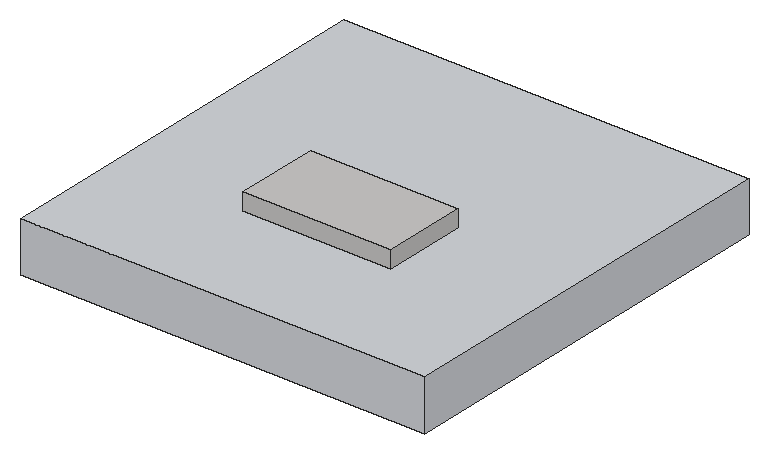
Revit family
Parameters (values of type "KB110-SSWM")
  URL = "www.bobrick.com"
  Type Comments = "Satin Finish"
  Product Page URL = ""
  Product Name = ""
  Model = "KB110-SSWM"
  Manufacturer = "Bobrick Washroom Equipment, Inc."
  Finish Material = Stainless Steel - Bobrick - Satin
  Description = "Horizontal Wall Mounted Stainless Steel Finish Baby Changing Station"
  Default Elevation = 3' - 10 1/2"
  Assembly Code = "C1030200"
  ADA Compliant = yes
Reference planes (in)
  plane 1 "Mounting Height": y = 0
  plane 2: z = 0
  plane 3 "Center (Left/Right)": x = 0
Forms (in)
  Extrusion 1, solid
    sketch origin (0, 0, 0) x (1, 0, 0) y (0, 1, 0)
      loop
        line (-48, 48) -> (-48, -48) -> (48, -48) -> (48, 48) -> (-48, 48)
    from 0 to -12
Lines and regions (in)
  Masking region 1
    outline origin (0, 0, 0) x (1, 0, 0) y (0, 1, 0)
      loop
        line (-17.5, 0) -> (-17.5, -20) -> (17.5, -20) -> (17.5, 0) -> (-17.5, 0)
  Masking region 2
    outline origin (0, 0, 0) x (1, 0, 0) y (0, 0, 1)
      loop
        line (17.5, 0) -> (17.5, 4) -> (-17.5, 4) -> (-17.5, 0) -> (17.5, 0)
  Masking region 3
    outline origin (0, 0, 0) x (0, 1, 0) y (0, 0, 1)
      loop
        line (0, 0) -> (0, 4) -> (-20, 4) -> (-20, 0) -> (0, 0)
  symbolic lines, detail levels fine
    curve 1: line (-16.5, -1, 0) -> (-16.5, -20, 0)
    curve 2: line (-16.5, -1, 0) -> (16.5, -1, 0)
    curve 3: line (16.5, -1, 0) -> (16.5, -20, 0)
    curve 4: line (-2, -3.5, 0) -> (2, -3.5, 0)
    curve 6: circle (0, -3.5, 0) r 1.75 normal (0, 0, 1)
  symbolic lines
    curve 5: circle (0, -3.5, 0) r 2 normal (0, 0, 1)
Dimensions and locks (in)
  aligned and locked: plane 2 to Extrusion 1
  aligned and locked: level to Extrusion 1
  aligned and locked: nested 1 to plane 1 "Mounting Height"
  aligned and locked: plane 3 "Center (Left/Right)" to nested 1
  aligned and locked: nested 1 to level
  aligned and locked: Masking region 1 sketch curve to nested 1  (x4)
  aligned and locked: curve 1 to nested 1
  aligned and locked: curve 2 to nested 1
  aligned and locked: curve 3 to nested 1
  aligned and locked: curve 4 to nested 1
  aligned and locked: curve 5 to nested 1
  aligned and locked: curve 6 to nested 1
  aligned and locked: Masking region 2 sketch curve to nested 1  (x4)
  aligned and locked: Masking region 3 sketch curve to nested 1  (x4)
Nested families (in)
  nested 1: "Stainless Steel Finish Baby Changing Station" at (0, -10, 0), type "Stainless Steel Finish Baby Changing Station"
Definition of nested family "Stainless Steel Finish Baby Changing Station"
  Parameters (values of type "Stainless Steel Finish Baby Changing Station")
    Width = 2' - 11"
    Height = 1' - 8"
    Finish Material = Stainless Steel - Bobrick - Satin
    Depth = 0' - 4"
  Reference planes (in)
    plane 1 "Center (Front/Back)": y = 0
    plane 2: z = 0
    plane 3 "Center (Left/Right)": x = 0
    plane 4: x = -17.5
    plane 5: y = 10
    plane 6: y = -10
    plane 7: x = 17.5
    plane 8: z = 4
    plane 9: y = 6.5
    plane 10: x = -16.5
    plane 11: y = 9
    plane 12: x = 16.5
  Forms (in)
    Extrusion 1, solid, material "Stainless Steel - Bobrick - Satin" <- "Finish Material"
      sketch origin (0, 0, 0) x (1, 0, 0) y (0, 1, 0)
        loop
          line (-17.5, 10) -> (-17.5, -10) -> (17.5, -10) -> (17.5, 10) -> (-17.5, 10)
      from 0 to 4
  Lines and regions (in)
    model lines
      curve 1: line (-16.5, 9, 4) -> (-16.5, -10, 4)
      curve 2: line (-16.5, 9, 4) -> (16.5, 9, 4)
      curve 3: line (16.5, 9, 4) -> (16.5, -10, 4)
      curve 4: circle (0, 6.5, 4) r 2 normal (0, 0, 1)
      curve 5: circle (0, 6.5, 4) r 1.75 normal (0, 0, 1)
      curve 6: line (-2, 6.5, 4) -> (2, 6.5, 4)
  Dimensions and locks (in)
    "Width": plane 4 to plane 7
    equal spacing: plane 4, plane 3 "Center (Left/Right)", plane 7
    "Height": plane 6 to plane 5
    equal spacing: plane 5, plane 1 "Center (Front/Back)", plane 6
    "Depth": plane 8 to level
    locked: plane 4 to plane 10 at 1
    locked: plane 12 to plane 7 at 1
    locked: plane 5 to plane 11 at 1
    locked: plane 11 to plane 9 at 2.5
    locked: plane 3 "Center (Left/Right)" to curve 4 at 0
    locked: curve 4 to plane 9 at 0
    locked: plane 3 "Center (Left/Right)" to curve 4 at 2
    locked: plane 3 "Center (Left/Right)" to curve 5 at 0
    locked: plane 9 to curve 5 at 0
    locked: curve 5 to plane 3 "Center (Left/Right)" at 1.75
    aligned and locked: plane 2 to level
    aligned and locked: Extrusion 1 sketch curve to plane 4
    aligned and locked: Extrusion 1 sketch curve to plane 5
    aligned and locked: plane 7 to Extrusion 1 sketch curve
    aligned and locked: plane 6 to Extrusion 1 sketch curve
    aligned and locked: plane 8 to Extrusion 1
    aligned and locked: Extrusion 1 to level
    aligned and locked: curve 1 to plane 10
    aligned and locked: curve 2 to plane 11
    aligned and locked: curve 3 to plane 12
    aligned and locked: plane 6 to curve 1
    aligned and locked: plane 6 to curve 3
    aligned and locked: curve 6 to plane 9
